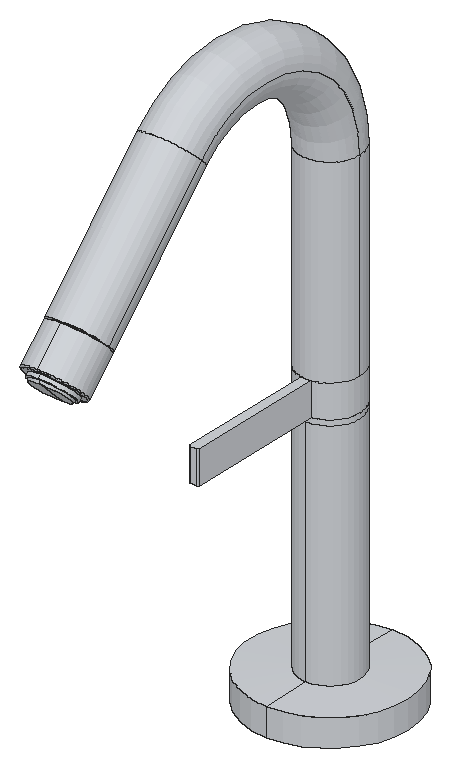
Revit family "Faucet-Lavatory-KOHLER-STILLNESS-K-979T_1", category Plumbing Fixtures, host Face, Revit 2017
Family settings
  Host = Face
  Round Connector Dimension = Use Diameter
  Part Type = Normal
  OmniClass Number = 23.31.11.00
  OmniClass Title = Faucets
  Cut with Voids When Loaded = No
  Shared = No
  Room Calculation Point = No
Parameters (values of type "CP-Polished Chrome")
  Width = 2.3622"  # constant formula
  WaterSense Certified = 1 = 0  # no
  Waste Water Outlet = "Waste Water Outlet"  # constant formula
  Waste Connection = 1 = 0  # no
  Vent Connection = 1 = 0  # no
  URL = "http://www.kohler.com.cn/"
  Type = 1
  Spout Reach = 5.27559"  # constant formula
  Product Page URL = "https://www.kohler.com.cn/product/K-979T-4-CP/K-979T-4-CP/"
  Product Name = "K-979T-4-CP"  # constant formula
  Product Documentation Link = "https://files.kohler.com.cn/pdfs/979-985T-A.pdf"
  Pressure = 45.00 psi  # constant formula
  Model = "STILLNESS"  # constant formula
  Material = "Brass Construction"  # constant formula
  Master Format 2014 Name = "Residential Faucets, Supplies, and Trim"  # constant formula
  Master Format 2014 = "22 41 39"  # constant formula
  Manufacturer Address = "Kohler Beijing Office (100016) 36-2-03-B, No. 88, Liuxiang Road, Beijing"  # constant formula
  Manufacturer = "KOHLER Co."  # constant formula
  Length = Spout Reach  # 5.27559"
  Hot Water Inlet = "Hot Water Inlet"  # constant formula
  Height = 9.68504"  # constant formula
  Handle Clearance = 2.55906"  # constant formula
  HW Connection = 1 = 1  # yes
  Flow Rate = 2.2 GPM  # constant formula
  Finish = Kohler-Metal-CP-Polished_Chrome
  Environmental Product Declaration = ""
  Drain Included = 1 = 1  # yes
  Description = "Single handle basin mixer"  # constant formula
  Default Elevation = 36"
  Declare Label = ""
  Date Modified = "08/07/2020"  # constant formula
  Date Created = "08/07/2020"  # constant formula
  Copyright = "Copyright KOHLER Co."  # constant formula
  Contact Us = "http://www.kohler.com.cn/contact/contact-us/"
  Cold Water Inlet = "Cold Water Inlet"  # constant formula
  CW Connection = 1 = 1  # yes
  Assembly Code = "D2010"
  ADA Compliant = 1 = 0  # no
Reference planes (in)
  plane 1 "Center (Front/Back)": y = 0
  plane 2: z = 0
  plane 3 "Center (Left/Right)": x = 0
  plane 4: y = 0.45276
  plane 5: y = -0.45276
  plane 6: x = 0.45276
  plane 7: x = -0.45276
  plane 8: y = -5.27559
  plane 9: z = 6.49606
  plane 10: z = 9.68504
  plane 11: y = 1.1811
  plane 12: z = 4.01575
  plane 13: y = -1.1811
  plane 14: x = 1.1811
  plane 15: x = -1.1811
  plane 16: y = -2.55906
  plane 17: x = -0.64723
  plane 18: x = 0.64723
  plane 19: z = 0.43038
Dimensions and locks (in)
  "Height": plane 10 to level
  "Width": plane 15 to plane 14
  "Spout Reach": plane 1 "Center (Front/Back)" to plane 8
  plane 9 to level = 6.49606"
  level to plane 12 = 4.01575"
  "Handle Clearance": plane 1 "Center (Front/Back)" to plane 16
  aligned and locked: plane 2 to host face
  aligned and locked: level to host face
Automatic sketch dimensions
  host sketch curve to host sketch curve = 96"  (x2)
Nested families (in)
  nested 1: "K-979T" at (0, 0, 0), type "K-979T"
Connectors (in)
  piping at (-0.64723, 0, 0), diameter 0.5, driven by "HW Connection", driven by "Hot Water Inlet"
    settings: on nested 1, index 1, connector inside diameter 24", connector length 0", flow factor 0, pipe flow 0 GPM, pressure drop 0.00 psi, fitting loss kfactor 0, connector angle 0.00°, fixture units 0, engagement length 0", angle of deflection 0.00°, flow configuration 0, flow direction 1, fitting loss method 0, system type 19, joint type 0, gender type 0, connector reference index -1, connector utility 1, adjustable connector no, is connector primary yes, connector description "Hot Water Inlet"
  piping at (0.64723, 0, 0), diameter 0.5, driven by "CW Connection", driven by "Cold Water Inlet"
    settings: on nested 1, index 2, connector inside diameter 24", connector length 0", flow factor 0, pipe flow 0 GPM, pressure drop 0.00 psi, fitting loss kfactor 0, connector angle 0.00°, fixture units 0, engagement length 0", angle of deflection 0.00°, flow configuration 0, flow direction 1, fitting loss method 0, system type 20, joint type 0, gender type 0, connector reference index -1, connector utility 1, adjustable connector no, is connector primary no, connector description "Cold Water Inlet"
Definition of nested family "K-979T"
  Parameters (values of type "K-979T")
    Material = none
  Reference planes (in)
    plane 1 "Center (Front/Back)": y = 0
    plane 2: z = 0
    plane 3 "Center (Left/Right)": x = 0
    plane 4: y = 1.1811
    plane 5: x = -1.1811
    plane 6: x = 1.1811
    plane 7: y = 0.45276
    plane 8: y = -0.45276
    plane 9: x = -0.45276
    plane 10: x = 0.45276
    plane 11: z = 9.68504
    plane 12: z = 9.68504
    plane 13: y = -5.27559
    plane 14: z = 6.49606
    plane 15: z = 4.01575
    plane 16: y = -1.1811
    plane 17: y = -2.55906
    plane 18: x = -0.64723
    plane 19: x = 0.64723
  Forms (in)
    Revolve 1, solid, material <- "Material", detail levels medium+fine
      sketch origin (0, 0, 0) x (0, 1, 0) y (0, 0, 1)
        loop
          line (0, 0) -> (1.1811, 0) -> (1.1811, 0.41327)
          arc (1.1811, 0.41327) -> (0.817, 0.42616) -> (0.45276, 0.43435) r 28.21881
          line (0.45276, 0.43435) -> (0.45276, 3.93701) -> (0.25591, 3.93701) -> (0.25591, 4.51181) -> (0, 4.51181) -> (0, 0)
        axis (0, 4.51181) -> (0, 0)
      angle from 0 to 360
    Extrusion 2, solid, material <- "Material", detail levels medium+fine
      sketch origin (0, 0, 0) x (1, 0, 0) y (0, 1, 0)
        loop
          arc (0.0689, -0.44748) -> (0, 0.45276) -> (-0.0689, -0.44748) r 0.45276
          line (-0.0689, -0.44748) -> (-0.0689, -2.53937)
          arc (-0.0689, -2.53937) -> (-0.06313, -2.55329) -> (-0.04921, -2.55906) r 0.01969
          line (-0.04921, -2.55906) -> (0.04921, -2.55906)
          arc (0.04921, -2.55906) -> (0.06313, -2.55329) -> (0.0689, -2.53937) r 0.01969
          line (0.0689, -2.53937) -> (0.0689, -0.44748)
        loop
          circle (0, 0) r 0.25591
      from 4.01575 to 4.51181
    Revolve 3, solid, material <- "Material", detail levels medium+fine
      sketch origin (0, 0, 0) x (0, 1, 0) y (0, 0, 1)
        loop
          line (-5.48563, 6.81974) -> (-5.42473, 6.75883) -> (-5.46969, 6.71387) -> (-5.44486, 6.68904) -> (-5.46063, 6.64573) -> (-5.25391, 6.43901) -> (-4.66387, 7.02904) -> (-4.95104, 7.31622) -> (-5.01636, 7.2509) -> (-5.04934, 7.28387) -> (-5.48563, 6.84757)
          arc (-5.48563, 6.84757) -> (-5.4914, 6.83366) -> (-5.48563, 6.81974) r 0.01969
        axis (-4.66387, 7.02904) -> (-5.25391, 6.43901)
      angle from 0 to 360
    Sweep 4, solid, material <- "Material", detail levels medium+fine
      path origin (0, 0, 0) x (0, 1, 0) y (0, 0, 1)
        loop
          line (-4.71527, 6.97764) -> (-2.9741, 8.71881)
          arc (-2.9741, 8.71881) -> (-1.07548, 9.09647) -> (0, 7.4869) r 1.74219
          line (0, 7.4869) -> (0, 4.51181)
      profile origin (0, 0, 5.99936) x (1, 0, 0) y (0, 1, 0)
        loop
          circle (0, 0) r 0.45276
    Extrusion 5, solid
      sketch origin (0, 0, 0) x (1, 0, 0) y (0, 1, 0)
        loop
          circle (-0.64723, 0) r 0.25
        loop
          circle (0.64723, 0) r 0.25
      from 0 to 0.19922
    Revolve 6, solid, material <- "Material", detail levels medium+fine
      sketch origin (0, 0, 0) x (0, 1, 0) y (0, 0, 1)
        loop
          line (0.45276, 4.01575) -> (0, 4.01575) -> (0, 3.93701) -> (0.45276, 3.93701) -> (0.45276, 4.01575)
        axis (0, 4.01575) -> (0, 3.93701)
      angle from 0 to 360
    Extrusion 7, solid, material <- "Material", detail levels coarse
      sketch origin (0, 0, 0) x (1, 0, 0) y (0, 1, 0)
        loop
          arc (0.07631, -0.44628) -> (-0.00019, 0.45276) -> (-0.07593, -0.44634) r 0.45276
          line (-0.07593, -0.44634) -> (-0.07593, -2.55906) -> (0.07631, -2.55906) -> (0.07631, -0.44628)
      from 3.93701 to 4.51181
    Revolve 8, solid, material <- "Material", detail levels coarse
      sketch origin (0, 0, 0) x (1, 0, 0) y (0, 0, 1)
        loop
          line (-1.1811, 0.45317) -> (-1.1811, 0) -> (0, 0) -> (0, 0.45317) -> (-1.1811, 0.45317)
        axis (0, 0.45317) -> (0, 0)
      angle from 0 to 360
    Sweep 9, solid, material <- "Material", detail levels coarse
      path origin (0, 0, 0) x (0, 1, 0) y (0, 0, 1)
        loop
          line (0, 0) -> (0, 7.4945)
          arc (0, 7.4945) -> (-1.09367, 9.1313) -> (-3.0244, 8.74725) r 1.77165
          line (-3.0244, 8.74725) -> (-5.27559, 6.49606)
      profile origin (0, 0, 3.74725) x (0, -1, 0) y (1, 0, 0)
        loop
          circle (0, 0) r 0.49478
  Cuts and joins
    joined: Revolve 1, Sweep 4
    joined: Extrusion 2, Revolve 6
    joined: Revolve 8, Sweep 9
  Lines and regions (in)
    Masking region 1
      outline origin (0, 0, 0) x (1, 0, 0) y (0, 1, 0)
        loop
          arc (0, 1.1811) -> (-1.15808, 0.23207) -> (-0.4551, -1.0899) r 1.1811
          line (-0.4551, -1.0899) -> (-0.4551, -5.28687)
          arc (-0.4551, -5.28687) -> (-0.00217, -5.53682) -> (0.45276, -5.29052) r 0.53928
          line (0.45276, -5.29052) -> (0.45276, -1.09088)
          arc (0.45276, -1.09088) -> (1.00115, -0.62665) -> (1.17906, 0.06948) r 1.1811
          arc (1.17906, 0.06948) -> (0.81023, 0.85938) -> (0, 1.1811) r 1.1811
    Masking region 2
      outline origin (0, 0, 0) x (1, 0, 0) y (0, 0, 1)
        loop
          line (1.1811, 0) -> (1.1811, 0.41275)
          arc (1.1811, 0.41275) -> (0.81698, 0.42353) -> (0.45276, 0.43038) r 33.7651
          line (0.45276, 0.43038) -> (0.45276, 9.23228)
          arc (0.45276, 9.23228) -> (0, 9.68504) -> (-0.45276, 9.23228) r 0.45276
          line (-0.45276, 9.23228) -> (-0.45276, 0.43038)
          arc (-0.45276, 0.43038) -> (-0.81698, 0.42353) -> (-1.1811, 0.41275) r 33.7651
          line (-1.1811, 0.41275) -> (-1.1811, 0) -> (1.1811, 0)
    Masking region 3
      outline origin (0, 0, 0) x (0, 1, 0) y (0, 0, 1)
        loop
          line (-3.28921, 9.044) -> (-5.03542, 7.29779) -> (-4.98256, 7.24494) -> (-5.01636, 7.2509) -> (-5.04934, 7.28387) -> (-5.48492, 6.84829)
          arc (-5.48492, 6.84829) -> (-5.49098, 6.83366) -> (-5.48492, 6.81902) r 0.0207
          line (-5.48492, 6.81902) -> (-5.42473, 6.75883) -> (-5.46969, 6.71387) -> (-5.44486, 6.68904) -> (-5.46063, 6.64573) -> (-5.04718, 6.23228) -> (-5.00387, 6.24805) -> (-4.97904, 6.22322) -> (-4.93408, 6.26818) -> (-4.87431, 6.20842)
          arc (-4.87431, 6.20842) -> (-4.85926, 6.20218) -> (-4.8442, 6.20842) r 0.02129
          line (-4.8442, 6.20842) -> (-4.40904, 6.64358) -> (-4.44201, 6.67655) -> (-4.44797, 6.71035) -> (-4.39512, 6.6575) -> (-2.64259, 8.41003)
          arc (-2.64259, 8.41003) -> (-1.24464, 8.6881) -> (-0.45276, 7.50297) r 1.28278
          line (-0.45276, 7.50297) -> (-0.45276, 4.51181) -> (-2.55906, 4.51181) -> (-2.55906, 4.01575) -> (-0.45276, 4.01575) -> (-0.45276, 0.43354)
          arc (-0.45276, 0.43354) -> (-0.817, 0.42534) -> (-1.1811, 0.41245) r 28.23423
          line (-1.1811, 0.41245) -> (-1.1811, 0) -> (1.1811, 0) -> (1.1811, 0.41327)
          arc (1.1811, 0.41327) -> (0.817, 0.42616) -> (0.45276, 0.43435) r 28.23504
          line (0.45276, 0.43435) -> (0.45276, 7.49403)
          arc (0.45276, 7.49403) -> (-0.9004, 9.51916) -> (-3.28921, 9.044) r 2.19199
    symbolic lines, detail levels medium+fine
      curve 1: line (-0.4551, -1.06953, 0) -> (-0.4551, 0.02297, 0)
      curve 2: line (0.45276, -1.06953, 0) -> (0.45276, 0.02297, 0)
      curve 3: arc (-0.4551, 0.02297, 0) -> (-0.00176, 0.4763, 0) -> (0.45158, 0.02297, 0) r 0.45334
      curve 4: line (0.45276, 0, 3.93701) -> (-0.45276, 0, 3.93701)
      curve 5: line (0.45276, 0, 4.51181) -> (-0.45276, 0, 4.51181)
      curve 6: line (0.45276, 0, 4.51181) -> (0.45276, 0, 3.93701)
      curve 7: arc (-0.45276, 0, 0.43038) -> (-0.00002, 0, 0.43354) -> (0.45272, 0, 0.43038) r 32.45438
      curve 8: spline (0, 0, 6.22225) -> (-0.07567, 0, 6.23022) -> (-0.14617, 0, 6.25359) -> (-0.20672, 0, 6.29076) -> (-0.25318, 0, 6.33919) -> (-0.28239, 0, 6.3956) -> (-0.29235, 0, 6.45614) -> (-0.28239, 0, 6.51667) -> (-0.25318, 0, 6.57308) -> (-0.20672, 0, 6.62152) -> (-0.14617, 0, 6.65869) -> (-0.07567, 0, 6.68205) -> (0, 0, 6.69002)
      curve 9: spline (0, 0, 6.69002) -> (0.07971, 0, 6.68205) -> (0.15399, 0, 6.65869) -> (0.21778, 0, 6.62152) -> (0.26672, 0, 6.57308) -> (0.29749, 0, 6.51667) -> (0.30799, 0, 6.45614) -> (0.29749, 0, 6.3956) -> (0.26672, 0, 6.33919) -> (0.21778, 0, 6.29076) -> (0.15399, 0, 6.25359) -> (0.07971, 0, 6.23022) -> (0, 0, 6.22225)
      curve 10: spline (0, 0, 6.71387) -> (0.0898, 0, 6.70549) -> (0.17347, 0, 6.68094) -> (0.24532, 0, 6.64187) -> (0.30046, 0, 6.59097) -> (0.33512, 0, 6.53168) -> (0.34694, 0, 6.46806) -> (0.33512, 0, 6.40444) -> (0.30046, 0, 6.34516) -> (0.24532, 0, 6.29425) -> (0.17347, 0, 6.25519) -> (0.0898, 0, 6.23063) -> (0, 0, 6.22225)
      curve 11: spline (0, 0, 6.71387) -> (-0.0898, 0, 6.70549) -> (-0.17347, 0, 6.68094) -> (-0.24532, 0, 6.64187) -> (-0.30046, 0, 6.59097) -> (-0.33512, 0, 6.53168) -> (-0.34694, 0, 6.46806) -> (-0.33512, 0, 6.40444) -> (-0.30046, 0, 6.34516) -> (-0.24532, 0, 6.29425) -> (-0.17347, 0, 6.25519) -> (-0.0898, 0, 6.23063) -> (0, 0, 6.22225)
      curve 12: spline (0.45276, 0, 6.97764) -> (0.43733, 0, 7.0605) -> (0.3921, 0, 7.13772) -> (0.32015, 0, 7.20402) -> (0.22638, 0, 7.2549) -> (0.11718, 0, 7.28688) -> (0, 0, 7.29779) -> (-0.11718, 0, 7.28688) -> (-0.22638, 0, 7.2549) -> (-0.32015, 0, 7.20402) -> (-0.3921, 0, 7.13772) -> (-0.43733, 0, 7.0605) -> (-0.45276, 0, 6.97764)
      curve 13: spline (0.45134, 0, 6.49606) -> (0.43275, 0, 6.57687) -> (0.38591, 0, 6.6517) -> (0.31389, 0, 6.71566) -> (0.22137, 0, 6.76458) -> (0.1144, 0, 6.79528) -> (-0.00003, 0, 6.80573) -> (-0.11447, 0, 6.79528) -> (-0.22143, 0, 6.76458) -> (-0.31395, 0, 6.71566) -> (-0.38598, 0, 6.6517) -> (-0.43282, 0, 6.57687) -> (-0.45141, 0, 6.49606)
      curve 14: spline (0.45134, 0, 6.49606) -> (0.43275, 0, 6.41526) -> (0.38591, 0, 6.34043) -> (0.31389, 0, 6.27647) -> (0.22137, 0, 6.22754) -> (0.1144, 0, 6.19685) -> (-0.00003, 0, 6.18639) -> (-0.11447, 0, 6.19685) -> (-0.22143, 0, 6.22754) -> (-0.31395, 0, 6.27647) -> (-0.38598, 0, 6.34043) -> (-0.43282, 0, 6.41526) -> (-0.45141, 0, 6.49606)
      curve 15: line (0, 0.45276, 0.43354) -> (0, -0.45276, 0.43354)
      curve 16: line (0, -5.44486, 6.68904) -> (0, -5.00387, 6.24805)
      curve 17: line (0, -4.93408, 6.26818) -> (0, -5.42473, 6.75883)
      curve 18: line (0, -4.44797, 6.71035) -> (0, -4.98256, 7.24494)
      curve 19: line (0, -5.01636, 7.2509) -> (0, -4.44201, 6.67655)
      curve 20: line (0, 0.45276, 3.93701) -> (0, -0.45276, 3.93701)
      curve 21: line (0, 0.45276, 4.51181) -> (0, -0.45276, 4.51181)
      curve 22: line (-0.0689, 0, 4.51181) -> (-0.0689, 0, 4.01575)
      curve 23: line (0.0689, 0, 4.01575) -> (0.0689, 0, 4.51181)
      curve 24: line (-0.0689, 0, 4.51181) -> (-0.0689, 0, 4.01575)
      curve 25: line (0.0689, 0, 4.01575) -> (0.0689, 0, 4.51181)
      curve 26: line (-0.0689, 0, 4.01575) -> (0.0689, 0, 4.01575)
      curve 27: circle (-0.279, 0, 4.38155) r 0.03282 normal (0, -1, 0)
      curve 28: circle (0.279, 0, 4.38155) r 0.03282 normal (0, 1, 0)
      curve 29: line (0, -0.45276, 4.51181) -> (0, -0.45276, 4.01709)
  Dimensions and locks (in)
    locked: plane 15 to level at 4.01575
    locked: plane 12 to level at 9.68504
    locked: plane 14 to level at 6.49606
    locked: plane 1 "Center (Front/Back)" to plane 13 at 5.27559
    aligned and locked: plane 2 to level
  Automatic sketch dimensions
    Sweep 4 sketch curve to plane 3 "Center (Left/Right)" = 0"
    profile plane to Sweep 4 sketch curve = 0"
    Revolve 3 sketch curve to Revolve 3 sketch curve = 0"
    Revolve 3 sketch curve to Revolve 3 sketch curve = 0.01392"
    Revolve 3 sketch curve to Revolve 3 sketch curve = 0.01594"
    Revolve 3 sketch curve to Revolve 3 sketch curve = 0.00906"
    Revolve 3 sketch curve to Revolve 3 sketch curve = 0.02483"
    Revolve 3 sketch curve to Revolve 3 sketch curve = 0.04496"
    Revolve 3 sketch curve to Revolve 3 sketch curve = 0.03297"
    Revolve 3 sketch curve to Revolve 3 sketch curve = 0.06532"
    Revolve 3 sketch curve to Revolve 3 sketch curve = 0.04331"
    curve 1 to plane 1 "Center (Front/Back)" = 0.02297"
    curve 3 to plane 3 "Center (Left/Right)" = 0.00176"
    plane 3 "Center (Left/Right)" to curve 2 = 0.45276"
    curve 3 to curve 2 = 0"
    plane 1 "Center (Front/Back)" to Extrusion 5 sketch curve = 0"  (x2)
    plane 5 to Extrusion 5 sketch curve = 0.53387"
    plane 6 to Extrusion 5 sketch curve = 0.53387"
    Revolve 3 sketch curve to Revolve 3 sketch curve = 0.51721"  (x2)
    Revolve 3 sketch curve to plane 11 = 2.40117"
    Revolve 3 sketch curve to plane 11 = 1.58831"
    Revolve 3 sketch curve to plane 13 = 0.02168"
    plane 13 to Revolve 3 sketch curve = 0.14914"
    Extrusion 2 sketch curve to Extrusion 2 sketch curve = 0"  (x2)
    plane 1 "Center (Front/Back)" to Extrusion 2 sketch curve = 0"
    Extrusion 2 sketch curve to plane 3 "Center (Left/Right)" = 0"
    Extrusion 2 sketch curve to plane 3 "Center (Left/Right)" = 0.04921"
    Extrusion 2 sketch curve to plane 8 = 0.00527"  (x2)
    Extrusion 2 sketch curve to plane 3 "Center (Left/Right)" = 0.0689"
    plane 3 "Center (Left/Right)" to Extrusion 2 sketch curve = 0.04921"
    curve 1 to curve 3 = 0.45334"
    Masking region 2 sketch curve to Masking region 2 sketch curve = 0"  (x2)
    Masking region 2 sketch curve to level = 0"
    Masking region 2 sketch curve to plane 5 = 0"
    plane 9 to Masking region 2 sketch curve = 0"
    plane 3 "Center (Left/Right)" to Masking region 2 sketch curve = 0"
    Masking region 2 sketch curve to plane 3 "Center (Left/Right)" = 0"
    plane 6 to Masking region 2 sketch curve = 0"
    level to Masking region 2 sketch curve = 0.41275"  (x2)
    Masking region 2 sketch curve to plane 12 = 0.45276"
    Masking region 2 sketch curve to plane 15 = 3.58537"
    Revolve 6 sketch curve to plane 1 "Center (Front/Back)" = 0"  (x2)
    Revolve 6 sketch curve to plane 15 = 0"
    plane 7 to Revolve 6 sketch curve = 0"
    Revolve 6 sketch curve to plane 15 = 0.07874"
    Revolve 6 sketch curve to Revolve 6 sketch curve = 0.2126"
    Revolve 6 sketch curve to Revolve 6 sketch curve = 0.29921"
    Revolve 1 sketch curve to level = 0"
    Revolve 1 sketch curve to plane 1 "Center (Front/Back)" = 0"  (x2)
    Revolve 1 sketch curve to plane 4 = 0"
    Revolve 1 sketch curve to plane 1 "Center (Front/Back)" = 0.00046"
    Revolve 1 sketch curve to plane 7 = 0.19685"
    plane 7 to Revolve 1 sketch curve = 0"
    Revolve 1 sketch curve to level = 27.78083"
    level to Revolve 1 sketch curve = 0.41327"
    Revolve 1 sketch curve to plane 15 = 0.07874"
    plane 15 to Revolve 1 sketch curve = 0.49606"
    Revolve 1 sketch curve to plane 12 = 0.11811"
    plane 12 to Revolve 1 sketch curve = 0.92913"
    curve 13 to plane 14 = 0"
    curve 26 to plane 15 = 0"
    curve 9 to plane 3 "Center (Left/Right)" = 0"
    curve 12 to plane 3 "Center (Left/Right)" = 0"
    curve 14 to plane 14 = 0"
    curve 7 to plane 3 "Center (Left/Right)" = 0.00002"
    curve 24 to plane 3 "Center (Left/Right)" = 0.0689"
    curve 27 to curve 22 = 0.2101"
    plane 3 "Center (Left/Right)" to curve 25 = 0.0689"
    curve 23 to curve 28 = 0.2101"
    curve 6 to plane 15 = 0.07874"
    curve 23 to curve 6 = 0.38386"
    curve 7 to level = 32.02084"
    plane 15 to curve 27 = 0.3658"
    plane 15 to curve 28 = 0.3658"
    curve 28 to curve 5 = 0.13026"
    curve 13 to plane 3 "Center (Left/Right)" = 0.00003"
    curve 11 to plane 14 = 0.028"
    curve 11 to curve 10 = 0.34694"
    curve 14 to curve 11 = 0.10447"
    curve 12 to curve 12 = 0.45276"
    curve 5 to curve 27 = 0.17376"
    curve 7 to plane 3 "Center (Left/Right)" = 0.45276"
    curve 4 to curve 22 = 0.38386"
    curve 8 to plane 14 = 0.03993"
    curve 8 to curve 14 = 0.159"
    curve 8 to curve 9 = 1/64"
    curve 9 to curve 10 = 0.03896"
    plane 14 to curve 14 = 0.01082"
    curve 13 to curve 14 = 0.00026"
    curve 13 to plane 14 = 0.01082"
    curve 14 to curve 13 = 0.00026"
    plane 3 "Center (Left/Right)" to curve 7 = 0.45272"
    level to curve 7 = 0.43038"
    curve 8 to curve 8 = 0.23388"
    plane 14 to curve 12 = 0.48158"
    plane 8 to curve 1 = 0.61678"
    plane 8 to curve 2 = 0.61678"
    plane 8 to Extrusion 2 sketch curve = 2.08661"
    Masking region 1 sketch curve to Masking region 1 sketch curve = 0"  (x6)
    Masking region 1 sketch curve to plane 3 "Center (Left/Right)" = 0"  (x2)
    plane 1 "Center (Front/Back)" to Masking region 1 sketch curve = 0"
    plane 4 to Masking region 1 sketch curve = 0"
    plane 16 to Masking region 1 sketch curve = 0.0912"
    plane 13 to Masking region 1 sketch curve = 0.01493"
    plane 3 "Center (Left/Right)" to Masking region 1 sketch curve = 0.45276"
    Masking region 1 sketch curve to Masking region 1 sketch curve = 0.00365"
    plane 6 to Masking region 1 sketch curve = 0.00205"
    Revolve 3 sketch curve to plane 13 = 0.22626"
    plane 14 to Revolve 3 sketch curve = 0.53298"
    Revolve 3 sketch curve to Revolve 3 sketch curve = 0.28717"
    Revolve 3 sketch curve to Revolve 3 sketch curve = 0.55047"
    Masking region 3 sketch curve to Masking region 3 sketch curve = 0"  (x2)
    Masking region 3 sketch curve to plane 15 = 0"
    Masking region 3 sketch curve to level = 0"
    Masking region 3 sketch curve to plane 16 = 0"
    Masking region 3 sketch curve to plane 1 "Center (Front/Back)" = 0"
    Masking region 3 sketch curve to plane 7 = 0"
    Masking region 3 sketch curve to plane 4 = 0"
    Masking region 3 sketch curve to plane 17 = 0.08354"
    Masking region 3 sketch curve to plane 17 = 0.73015"
    plane 14 to Masking region 3 sketch curve = 0.16143"
    Masking region 3 sketch curve to plane 13 = 0.88047"
    plane 14 to Masking region 3 sketch curve = 0.14752"
    Masking region 3 sketch curve to Masking region 3 sketch curve = 0.01392"  (x3)
    plane 14 to Masking region 3 sketch curve = 0.18049"
    Masking region 3 sketch curve to Masking region 3 sketch curve = 0.03297"
    plane 14 to Masking region 3 sketch curve = 0.21429"
    Masking region 3 sketch curve to Masking region 3 sketch curve = 0.00596"  (x2)
    Masking region 3 sketch curve to plane 14 = 0.28765"  (x2)
    Masking region 3 sketch curve to Masking region 3 sketch curve = 0.01506"  (x2)
    Masking region 3 sketch curve to Masking region 3 sketch curve = 0.05977"
    Masking region 3 sketch curve to Masking region 3 sketch curve = 0.04496"
    Masking region 3 sketch curve to plane 13 = 0.29303"
    Masking region 3 sketch curve to Masking region 3 sketch curve = 0.02483"  (x3)
    Masking region 3 sketch curve to Masking region 3 sketch curve = 0.0338"
    Masking region 3 sketch curve to Masking region 3 sketch curve = 0.01905"
    Masking region 3 sketch curve to Masking region 3 sketch curve = 0.04331"  (x2)
    plane 13 to Masking region 3 sketch curve = 0.14914"
    Masking region 3 sketch curve to Masking region 3 sketch curve = 0.02014"
    Masking region 3 sketch curve to Masking region 3 sketch curve = 0.01576"  (x2)
    Masking region 3 sketch curve to Masking region 3 sketch curve = 0.04555"
    Masking region 3 sketch curve to Masking region 3 sketch curve = 0.01464"  (x3)
    Masking region 3 sketch curve to plane 16 = 0.55813"
    Masking region 3 sketch curve to Masking region 3 sketch curve = 0.0037"
    Masking region 3 sketch curve to level = 27.79706"
    Masking region 3 sketch curve to Masking region 3 sketch curve = 0.41245"
    level to Masking region 3 sketch curve = 0.41327"
    Masking region 3 sketch curve to Masking region 3 sketch curve = 0.0148"
    plane 14 to Masking region 3 sketch curve = 0.14967"
    Masking region 3 sketch curve to Masking region 3 sketch curve = 0.41128"
    Masking region 3 sketch curve to plane 17 = 0"
    Masking region 3 sketch curve to plane 8 = 0"  (x2)
    Masking region 3 sketch curve to Masking region 3 sketch curve = 0.49606"
    curve 15 to plane 8 = 0"
    curve 15 to plane 7 = 0"
    level to curve 15 = 0.43354"
    plane 8 to curve 20 = 0"
    plane 8 to curve 21 = 0"
    plane 14 to curve 19 = 0.18049"
    curve 19 to plane 13 = 0.83358"
    plane 14 to curve 18 = 0.21429"
    curve 18 to curve 19 = 0.00596"  (x2)
    curve 17 to plane 13 = 0.34151"
    curve 18 to plane 13 = 0.29303"
    curve 16 to curve 17 = 0.06979"  (x2)
    curve 19 to curve 18 = 0.0338"
    plane 13 to curve 17 = 0.14914"
    curve 16 to curve 17 = 0.02014"  (x2)
    plane 7 to curve 20 = 0"
    plane 7 to curve 21 = 0"
    curve 20 to plane 15 = 0.07874"
    plane 15 to curve 29 = 0.00134"
    plane 15 to curve 21 = 0.49606"
    curve 16 to plane 14 = 0.24801"
    plane 14 to curve 16 = 0.19298"
    curve 17 to curve 18 = 0.48611"
    Extrusion 7 sketch curve to plane 17 = 0"
    plane 1 "Center (Front/Back)" to Extrusion 7 sketch curve = 0"
    Extrusion 7 sketch curve to plane 3 "Center (Left/Right)" = 0"
    Extrusion 7 sketch curve to plane 3 "Center (Left/Right)" = 0.07593"
    Extrusion 7 sketch curve to plane 8 = 0.00641"
    Extrusion 7 sketch curve to plane 8 = 0.00648"
    Revolve 8 sketch curve to plane 5 = 0"
    Revolve 8 sketch curve to plane 3 "Center (Left/Right)" = 0"  (x2)
    Revolve 8 sketch curve to level = 0"
    Revolve 8 sketch curve to Revolve 8 sketch curve = 0.45317"
    Revolve 8 sketch curve to level = 0.33408"
    Revolve 8 sketch curve to Revolve 8 sketch curve = 0.11169"
    Sweep 9 sketch curve to plane 13 = 0"
    Sweep 9 sketch curve to plane 1 "Center (Front/Back)" = 0"
    Sweep 9 sketch curve to level = 0"
    Sweep 9 sketch curve to plane 14 = 0"
    Sweep 9 sketch curve to plane 17 = 0.46535"
    Sweep 9 sketch curve to plane 16 = 0.59055"
    plane 14 to Sweep 9 sketch curve = 0.99844"
    Sweep 9 sketch curve to plane 3 "Center (Left/Right)" = 0"
    Sweep 9 sketch curve to profile plane = 0"
    Sweep 4 sketch curve to plane 1 "Center (Front/Back)" = 0"
    Sweep 4 sketch curve to plane 16 = 0.56109"
    Sweep 4 sketch curve to plane 17 = 0.41504"
    plane 14 to Sweep 4 sketch curve = 0.99084"
    Sweep 4 sketch curve to plane 13 = 0.56032"
    plane 14 to Sweep 4 sketch curve = 0.48158"
    plane 15 to Sweep 4 sketch curve = 0.49606"
    radius of Sweep 4 sketch curve = 0.45276"
    radius of Extrusion 5 sketch curve = 1/4"  (x2)
    radius of Extrusion 2 sketch curve = 0.25591"
    radius of curve 27 = 0.03282"
    radius of curve 28 = 0.03282"
    radius of Sweep 9 sketch curve = 0.49478"
